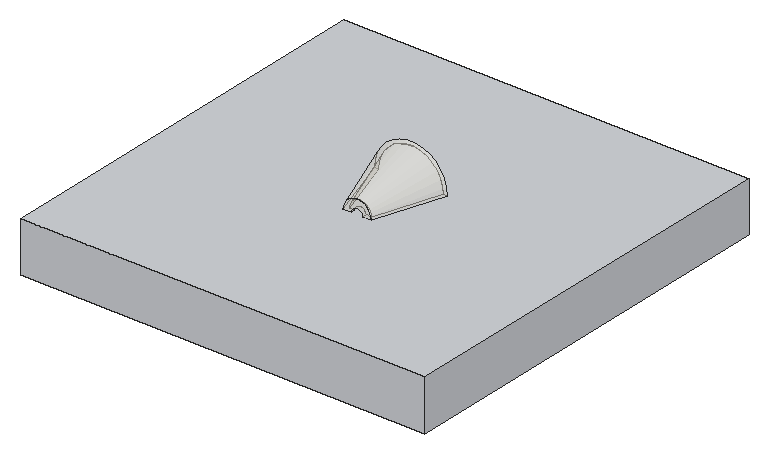
Revit family "M_Luminária de arandela - Luz indireta", category Luminárias, Revit 2019
Family settings
  Hospedeiro = Face
  Cota do conector redondo = Utilizar diâmetro
  Tipo de parte = Normal
  Número OmniClass = 23.80.70.11.14.14
  Título OmniClass = Uplights
  ID de item do Seek = Sconce Light - Uplight-0000-CAN-ENU
  Corte com vazios quando carregada = Não
  Fonte luminosa = Sim
  Compartilhado = Não
  Ponto de cálculo do ambiente = Não
Parameters (values of type "100W - 120V")
  Wattage = 100 W
  built-in parameter 1150110 = 1 (stored number, unit not read)
  built-in parameter 1150109 = 1 (stored number, unit not read)
  built-in parameter 1150134 = 4
  built-in parameter 1150113 = 1 (stored number, unit not read)
  Tilt Angle = 90.00°
  Material de sombra = Vidro, Jateado
  Arquivo de rede fotométrica = "TLAE1A21.ies"
  Lumens = 1200 lm
  built-in parameter 1114217 = 1 (stored number, unit not read)
  built-in parameter 1150115 = 1 (stored number, unit not read)
  built-in parameter 1150105 = 95.493 (stored number, unit not read)
  Classificação de carga = Iluminação - Unidade de interrupção
  built-in parameter 1150137 = 1
  built-in parameter 1150139 = (empty or 0)
  built-in parameter 1150112 = 1 (stored number, unit not read)
  built-in parameter 1150114 = 1 (stored number, unit not read)
  Lâmpada = "R-30"
  built-in parameter 1150132 = (empty or 0)
  built-in parameter 1150102 = (empty or 0)
  built-in parameter 1150138 = (empty or 0)
  built-in parameter 1150107 = 2800 (stored number, unit not read)
  built-in parameter 1150106 = 0.95493 (stored number, unit not read)
  built-in parameter 1150104 = 1.1148 (stored number, unit not read)
  Dimming Lamp Color Temperature Shift = (empty or 0)
  Elevação-padrão = 1900 mm
  Color Filter = 16777215
  built-in parameter 1140040 [instance] = 1
  Voltagem do transformador = 120 V
  Transformador por número de postes = 1
  built-in parameter 1114218 = 1 (stored number, unit not read)
  built-in parameter 1150133 = 10 (stored number, unit not read)
  Código de montagem = "D5020220"
  Carga aparente = 100 VA
Types (4, lengths in mm): name | Wattage | Arquivo de rede fotométrica | Lumens | built-in parameter 1150105 | Lâmpada | built-in parameter 1150106 | built-in parameter 1150104 | Voltagem do transformador | Carga aparente
  60W - 120V | 60 W | "TLAE1A19.ies" | 855 lm | 68.039 (stored number, unit not read) | "A-19" | 0.68039 (stored number, unit not read) | 1.3239 (stored number, unit not read) | 120 V | 60 VA
  60W - 277V | 60 W | "TLAE1A19.ies" | 855 lm | 68.039 (stored number, unit not read) | "A-19" | 0.68039 (stored number, unit not read) | 1.3239 (stored number, unit not read) | 277 V | 60 VA
  100W - 120V | 100 W | "TLAE1A21.ies" | 1200 lm | 95.493 (stored number, unit not read) | "R-30" | 0.95493 (stored number, unit not read) | 1.1148 (stored number, unit not read) | 120 V | 100 VA
  100W - 277V | 100 W | "TLAE1A21.ies" | 1200 lm | 95.493 (stored number, unit not read) | "R-30" | 0.95493 (stored number, unit not read) | 1.1148 (stored number, unit not read) | 277 V | 100 VA
Reference planes
  plane 1 "Centro (Frente/Trás)": y = 0
  plane 2: z = 0
  plane 3 "Centro (Esquerda/Direita)": x = 0
  plane 4: y = 203.2
  plane 5 "Inferior": y = -203.2
  plane 6: y = -177.8
  plane 7: x = -84.931
  plane 8: x = -68.262
  plane 9: x = -221.456
  plane 10: x = -196.056
  plane 11: z = 25.4
  plane 12: x = -34.131
  plane 13: z = 63.5
Forms (mm)
  Extrusion 1, solid
    sketch origin (0, 0, 0) x (1, 0, 0) y (0, 1, 0)
      loop
        line (-1219.2, 1219.2) -> (-1219.2, -1219.2) -> (1219.2, -1219.2) -> (1219.2, 1219.2) -> (-1219.2, 1219.2)
    from 0 to -304.8
  Revolve 2, solid, material "Vidro, Jateado" <- "Material de sombra"
    sketch origin (0, 0, 0) x (1, 0, 0) y (0, 1, 0)
      loop
        line (-34.131, -203.2) -> (-34.131, -177.8) -> (-68.064, -177.8) -> (-196.056, 203.2) -> (-221.456, 203.2) -> (-84.931, -203.2) -> (-34.131, -203.2)
      axis (0, 203.2) -> (0, -203.2)
    angle from 180 to 360
Lines and regions (mm)
  symbolic lines
    curve 1: arc (-221.456, 203.2, 0) -> (0, 203.2, 221.456) -> (221.456, 203.2, 0) r 221.456
    curve 2: arc (-196.056, 203.2, 0) -> (0, 203.2, 196.056) -> (196.056, 203.2, 0) r 196.056
    curve 3: arc (84.931, 203.2, 0) -> (0, 203.2, 84.931) -> (-84.931, 203.2, 0) r 84.931
    curve 4: line (-221.456, 203.2, 0) -> (221.456, 203.2, 0)
Dimensions and locks
  locked: plane 12 to plane 3 "Centro (Esquerda/Direita)" at 34.131
  locked: plane 13 to plane 2 at 63.5
  aligned and locked: plane 2 to Extrusion 1
  aligned and locked: level to Extrusion 1
  aligned and locked: Revolve 2 sketch curve to plane 3 "Centro (Esquerda/Direita)"
  aligned and locked: Revolve 2 sketch curve to plane 4
  aligned and locked: Revolve 2 sketch curve to plane 5 "Inferior"
  aligned and locked: Revolve 2 sketch curve to plane 6
  aligned and locked: plane 3 "Centro (Esquerda/Direita)" to imposter light
  aligned and locked: imposter light to plane 13
  aligned and locked: plane 1 "Centro (Frente/Trás)" to imposter light
Connectors
  electrical at (0, -203.2, 0), driven by "Carga aparente", driven by "Voltagem do transformador", driven by "Transformador por número de postes", driven by "Classificação de carga"
    settings: on Revolve 2, index 1, voltage 120 V, apparent load 0 VA, apparent load phase1 100 VA, apparent load phase2 0 VA, apparent load phase3 0 VA, power factor 0.95, load classification "Iluminação - Unidade de interrupção", number of poles 1, system type 31, power factor state 1, is connector primary yes, connector utility no, sub classification motor no, connector description ""
